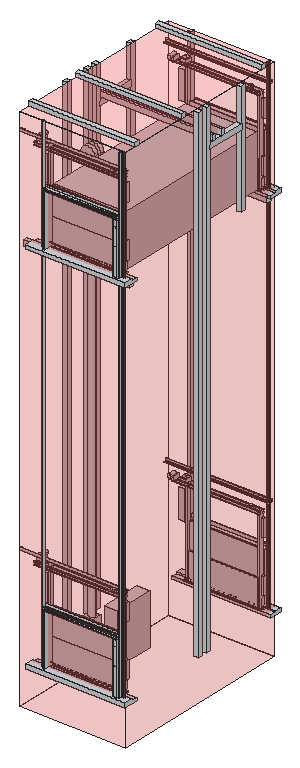
Revit family "SHC2000-2U-2方向", category 一般モデル, Revit 2018
Family settings
  鉄筋をホスト可能 = いいえ
  丸型コネクタ寸法 = 直径を使用
  パーツ タイプ = 標準
  作業面ベース = いいえ
  常に垂直 = はい
  ロード時にボイドで切り取り = いいえ
  共有 = いいえ
  部屋計算ポイント = いいえ
Parameters
  昇降行程 = 13000 mm
Reference planes
  plane 1 "レール芯": y = 0
  plane 2 "最下階FL": z = 0
  plane 3 "かご芯": x = 0
  plane 4: z = 13000
  plane 5 "ピット底面": z = -1550
  plane 6: z = 16900
  plane 7: z = 1800
Forms (mm)
  Extrusion 1, solid
    sketch origin (-115, 140, 0) x (1, 0, 0) y (0, 1, 0)
      loop
        line (-2010, 3075) -> (-2010, -3355) -> (1650, -3355) -> (1650, 3075) -> (-2010, 3075)
    from -1550 to 16900
  Extrusion 2, solid
    sketch origin (-188.849, -187.656, 5000) x (1, 0, 0) y (0, 1, 0)
      loop
        line (-1046.151, 3032.656) -> (-1046.151, -2657.344) -> (1423.849, -2657.344) -> (1423.849, 3032.656) -> (-1046.151, 3032.656)
    from 8000 to 9800
  Extrusion 3, solid
    sketch origin (69.836, -13.256, 0) x (1, 0, 0) y (0, 1, 0)
      loop
        line (1465.164, 263.256) -> (1465.164, 113.256) -> (1615.164, 113.256) -> (1615.164, 263.256) -> (1465.164, 263.256)
    from 0 to 16900
  Extrusion 4, solid
    sketch origin (-180.164, -413.256, 0) x (1, 0, 0) y (0, 1, 0)
      loop
        line (1715.164, 313.256) -> (1715.164, 163.256) -> (1865.164, 163.256) -> (1865.164, 313.256) -> (1715.164, 313.256)
    from 0 to 16900
  Extrusion 5, solid
    sketch origin (758.997, -221.31, 0) x (1, 0, 0) y (0, 1, 0)
      loop
        line (-3033.997, 471.31) -> (-3033.997, 321.31) -> (-2883.997, 321.31) -> (-2883.997, 471.31) -> (-3033.997, 471.31)
    from 0 to 16900
  Extrusion 6, solid
    sketch origin (758.997, -1471.31, 0) x (1, 0, 0) y (0, 1, 0)
      loop
        line (-3033.997, 1371.31) -> (-3033.997, 1221.31) -> (-2883.997, 1221.31) -> (-2883.997, 1371.31) -> (-3033.997, 1371.31)
    from 0 to 16900
  Extrusion 7, solid
    sketch origin (0, -3089.792, -183.066) x (0, 1, 0) y (0, 0, 1)
      loop
        line (279.792, 17233.066) -> (279.792, 17083.066) -> (429.792, 17083.066) -> (429.792, 17233.066) -> (279.792, 17233.066)
    from -2125 to 1535
  Extrusion 8, solid
    sketch origin (0, -1079.792, -183.066) x (0, 1, 0) y (0, 0, 1)
      loop
        line (279.792, 17233.066) -> (279.792, 17083.066) -> (429.792, 17083.066) -> (429.792, 17233.066) -> (279.792, 17233.066)
    from -2125 to 1535
  Extrusion 9, solid
    sketch origin (0, -2227.235, 116.596) x (0, 1, 0) y (0, 0, 1)
      loop
        line (-827.765, 12733.404) -> (-827.765, 12539.404) -> (-677.765, 12539.404) -> (-677.765, 12733.404) -> (-827.765, 12733.404)
    from -2125 to 1535
  Extrusion 10, solid
    sketch origin (322.648, -2408.415, 0) x (-1, 0, 0) y (0, -1, 0)
      loop
        line (-1052.352, 796.585) -> (-1052.352, 896.585) -> (-1055.352, 896.585)
        arc (-1055.352, 896.585) -> (-1060.302, 894.535) -> (-1062.352, 889.585) r 7
        line (-1062.352, 889.585) -> (-1062.352, 816.585)
        arc (-1062.352, 816.585) -> (-1065.281, 809.514) -> (-1072.352, 806.585) r 10
        line (-1072.352, 806.585) -> (-1145.352, 806.585)
        arc (-1145.352, 806.585) -> (-1150.302, 804.535) -> (-1152.352, 799.585) r 7
        line (-1152.352, 799.585) -> (-1152.352, 796.585) -> (-1052.352, 796.585)
    from 0 to 12850
  Extrusion 11, solid
    sketch origin (-22.648, -2408.415, 0) x (1, 0, 0) y (0, 1, 0)
      loop
        line (-1232.352, -796.585) -> (-1332.352, -796.585) -> (-1332.352, -799.585)
        arc (-1332.352, -799.585) -> (-1330.302, -804.535) -> (-1325.352, -806.585) r 7
        line (-1325.352, -806.585) -> (-1252.352, -806.585)
        arc (-1252.352, -806.585) -> (-1245.281, -809.514) -> (-1242.352, -816.585) r 10
        line (-1242.352, -816.585) -> (-1242.352, -889.585)
        arc (-1242.352, -889.585) -> (-1240.302, -894.535) -> (-1235.352, -896.585) r 7
        line (-1235.352, -896.585) -> (-1232.352, -896.585) -> (-1232.352, -796.585)
    from 0 to 12850
  Extrusion 12, solid
    sketch origin (522.648, -2408.415, 5000) x (-1, 0, 0) y (0, -1, 0)
      loop
        line (-852.352, 896.585) -> (-855.352, 896.585)
        arc (-855.352, 896.585) -> (-860.302, 894.535) -> (-862.352, 889.585) r 7
        line (-862.352, 889.585) -> (-862.352, 816.585)
        arc (-862.352, 816.585) -> (-865.281, 809.514) -> (-872.352, 806.585) r 10
        line (-872.352, 806.585) -> (-945.352, 806.585)
        arc (-945.352, 806.585) -> (-950.302, 804.535) -> (-952.352, 799.585) r 7
        line (-952.352, 799.585) -> (-952.352, 796.585) -> (-852.352, 796.585) -> (-852.352, 896.585)
    from 8000 to 11900
  Extrusion 13, solid
    sketch origin (-22.648, -2408.415, 5000) x (1, 0, 0) y (0, 1, 0)
      loop
        arc (-1242.352, -889.585) -> (-1240.302, -894.535) -> (-1235.352, -896.585) r 7
        line (-1235.352, -896.585) -> (-1232.352, -896.585) -> (-1232.352, -796.585) -> (-1332.352, -796.585) -> (-1332.352, -799.585)
        arc (-1332.352, -799.585) -> (-1330.302, -804.535) -> (-1325.352, -806.585) r 7
        line (-1325.352, -806.585) -> (-1252.352, -806.585)
        arc (-1252.352, -806.585) -> (-1245.281, -809.514) -> (-1242.352, -816.585) r 10
        line (-1242.352, -816.585) -> (-1242.352, -889.585)
    from 8000 to 11900
  Extrusion 14, solid
    sketch origin (90, -5742.272, 6235.614) x (0, 0, -1) y (0, 1, 0)
      loop
        line (-8644.386, 2437.272) -> (-8644.386, 2537.272) -> (-8744.386, 2537.272) -> (-8744.386, 2534.272)
        arc (-8744.386, 2534.272) -> (-8742.335, 2529.322) -> (-8737.386, 2527.272) r 7
        line (-8737.386, 2527.272) -> (-8664.386, 2527.272)
        arc (-8664.386, 2527.272) -> (-8657.315, 2524.343) -> (-8654.386, 2517.272) r 10
        line (-8654.386, 2517.272) -> (-8654.386, 2444.272)
        arc (-8654.386, 2444.272) -> (-8652.335, 2439.322) -> (-8647.386, 2437.272) r 7
        line (-8647.386, 2437.272) -> (-8644.386, 2437.272)
    from -1345 to 1285
  Extrusion 15, solid
    sketch origin (0, -1382.728, 6270.614) x (0, 0, -1) y (0, 1, 0)
      loop
        line (-10039.386, -1729.272) -> (-10039.386, -1802.272)
        arc (-10039.386, -1802.272) -> (-10042.315, -1809.343) -> (-10049.386, -1812.272) r 10
        line (-10049.386, -1812.272) -> (-10122.386, -1812.272)
        arc (-10122.386, -1812.272) -> (-10127.335, -1814.322) -> (-10129.386, -1819.272) r 7
        line (-10129.386, -1819.272) -> (-10129.386, -1822.272) -> (-10029.386, -1822.272) -> (-10029.386, -1722.272) -> (-10032.386, -1722.272)
        arc (-10032.386, -1722.272) -> (-10037.335, -1724.322) -> (-10039.386, -1729.272) r 7
    from -2125 to 1535
  Extrusion 16, solid
    sketch origin (454.836, 1486.744, 0) x (1, 0, 0) y (0, 1, 0)
      loop
        line (1080.164, 263.256) -> (1080.164, 113.256) -> (1230.164, 113.256) -> (1230.164, 263.256) -> (1080.164, 263.256)
    from 13000 to 16900
  Extrusion 17, solid
    sketch origin (783.997, -2408.81, 0) x (1, 0, 0) y (0, 1, 0)
      loop
        line (-3058.997, 1408.81) -> (-3058.997, 1258.81) -> (-2908.997, 1258.81) -> (-2908.997, 1408.81) -> (-3058.997, 1408.81)
    from 0 to 16900
  Extrusion 18, solid
    sketch origin (-455, 580, -1350) x (1, 0, 0) y (0, 1, 0)
      loop
        line (-1420, 950) -> (-1420, -420) -> (-970, -420) -> (-970, 950) -> (-1420, 950)
    from -200 to 1550
  Extrusion 19, solid
    sketch origin (-290, -250, 0) x (1, 0, 0) y (0, 1, 0)
      loop
        circle (-1325, -475) r 110
    from 383 to 14716
  Extrusion 20, solid
    sketch origin (-1265, -550, -566) x (1, 0, 0) y (0, 0, 1)
      loop
        circle (-350, 15316) r 240
    from -10 to 110
  Extrusion 21, solid
    sketch origin (-1265, -800, -566) x (1, 0, 0) y (0, 0, 1)
      loop
        circle (-350, 15316) r 240
    from -10 to 110
  Extrusion 22, solid
    sketch origin (295.293, 79.04, 0) x (1, 0, 0) y (0, 1, 0)
      loop
        line (-2085.293, -629.04) -> (-2085.293, -979.04) -> (-1735.293, -979.04) -> (-1735.293, -629.04) -> (-2085.293, -629.04)
    from -1550 to 383
  Extrusion 23, solid
    sketch origin (-3415.164, 1486.744, 0) x (1, 0, 0) y (0, 1, 0)
      loop
        line (1140.164, 263.256) -> (1140.164, 113.256) -> (1290.164, 113.256) -> (1290.164, 263.256) -> (1140.164, 263.256)
    from 13000 to 16900
  Extrusion 24, solid
    sketch origin (1535, 0, -1200) x (0, 1, 0) y (0, 0, 1)
      loop
        line (250, 16950) -> (250, 16750) -> (1600, 16750) -> (1600, 16950) -> (250, 16950)
    from 0 to 150
  Extrusion 25, solid
    sketch origin (-2325, 0, -1200) x (0, 1, 0) y (0, 0, 1)
      loop
        line (250, 16950) -> (250, 16750) -> (1600, 16750) -> (1600, 16950) -> (250, 16950)
    from 50 to 200
  Extrusion 26, solid
    sketch origin (0, 0, -1200) x (0, 1, 0) y (0, 0, 1)
      loop
        line (360, 17150) -> (360, 16950) -> (450, 16950) -> (450, 17150) -> (360, 17150)
      loop
        line (750, 17150) -> (750, 16950) -> (840, 16950) -> (840, 17150) -> (750, 17150)
    from -2275 to 1685
  Extrusion 27, solid
    sketch origin (0, -345, 0) x (0, 1, 0) y (0, 0, 1)
      loop
        line (-2880, 1890) -> (-2953, 1890)
        arc (-2953, 1890) -> (-2957.95, 1887.95) -> (-2960, 1883) r 7
        line (-2960, 1883) -> (-2960, 1880) -> (-2860, 1880) -> (-2860, 1980) -> (-2863, 1980)
        arc (-2863, 1980) -> (-2867.95, 1977.95) -> (-2870, 1973) r 7
        line (-2870, 1973) -> (-2870, 1900)
        arc (-2870, 1900) -> (-2872.929, 1892.929) -> (-2880, 1890) r 10
    from -1255 to 1375
  Extrusion 28, solid
    sketch origin (0, -6065, 1420) x (0, -1, 0) y (0, 0, -1)
      loop
        arc (-2880, -1890) -> (-2872.929, -1892.929) -> (-2870, -1900) r 10
        line (-2870, -1900) -> (-2870, -1973)
        arc (-2870, -1973) -> (-2867.95, -1977.95) -> (-2863, -1980) r 7
        line (-2863, -1980) -> (-2860, -1980) -> (-2860, -1880) -> (-2960, -1880) -> (-2960, -1883)
        arc (-2960, -1883) -> (-2957.95, -1887.95) -> (-2953, -1890) r 7
        line (-2953, -1890) -> (-2880, -1890)
    from -2125 to 1535
  Extrusion 29, solid
    sketch origin (0, 2380.208, -183.066) x (0, 1, 0) y (0, 0, 1)
      loop
        line (279.792, 17233.066) -> (279.792, 17083.066) -> (429.792, 17083.066) -> (429.792, 17233.066) -> (279.792, 17233.066)
    from -2125 to 1535
  Extrusion 30, solid
    sketch origin (322.648, 2308.415, 0) x (-1, 0, 0) y (0, -1, 0)
      loop
        line (-1052.352, -796.585) -> (-1152.352, -796.585) -> (-1152.352, -799.585)
        arc (-1152.352, -799.585) -> (-1150.302, -804.535) -> (-1145.352, -806.585) r 7
        line (-1145.352, -806.585) -> (-1072.352, -806.585)
        arc (-1072.352, -806.585) -> (-1065.281, -809.514) -> (-1062.352, -816.585) r 10
        line (-1062.352, -816.585) -> (-1062.352, -889.585)
        arc (-1062.352, -889.585) -> (-1060.302, -894.535) -> (-1055.352, -896.585) r 7
        line (-1055.352, -896.585) -> (-1052.352, -896.585) -> (-1052.352, -796.585)
    from 0 to 12850
  Extrusion 31, solid
    sketch origin (-22.648, 2308.415, 0) x (1, 0, 0) y (0, 1, 0)
      loop
        line (-1232.352, 796.585) -> (-1232.352, 896.585) -> (-1235.352, 896.585)
        arc (-1235.352, 896.585) -> (-1240.302, 894.535) -> (-1242.352, 889.585) r 7
        line (-1242.352, 889.585) -> (-1242.352, 816.585)
        arc (-1242.352, 816.585) -> (-1245.281, 809.514) -> (-1252.352, 806.585) r 10
        line (-1252.352, 806.585) -> (-1325.352, 806.585)
        arc (-1325.352, 806.585) -> (-1330.302, 804.535) -> (-1332.352, 799.585) r 7
        line (-1332.352, 799.585) -> (-1332.352, 796.585) -> (-1232.352, 796.585)
    from 0 to 12850
  Extrusion 32, solid
    sketch origin (522.648, 2308.415, 5000) x (-1, 0, 0) y (0, -1, 0)
      loop
        line (-852.352, -896.585) -> (-852.352, -796.585) -> (-952.352, -796.585) -> (-952.352, -799.585)
        arc (-952.352, -799.585) -> (-950.302, -804.535) -> (-945.352, -806.585) r 7
        line (-945.352, -806.585) -> (-872.352, -806.585)
        arc (-872.352, -806.585) -> (-865.281, -809.514) -> (-862.352, -816.585) r 10
        line (-862.352, -816.585) -> (-862.352, -889.585)
        arc (-862.352, -889.585) -> (-860.302, -894.535) -> (-855.352, -896.585) r 7
        line (-855.352, -896.585) -> (-852.352, -896.585)
    from 8000 to 11900
  Extrusion 33, solid
    sketch origin (-22.648, 2308.415, 5000) x (1, 0, 0) y (0, 1, 0)
      loop
        line (-1242.352, 889.585) -> (-1242.352, 816.585)
        arc (-1242.352, 816.585) -> (-1245.281, 809.514) -> (-1252.352, 806.585) r 10
        line (-1252.352, 806.585) -> (-1325.352, 806.585)
        arc (-1325.352, 806.585) -> (-1330.302, 804.535) -> (-1332.352, 799.585) r 7
        line (-1332.352, 799.585) -> (-1332.352, 796.585) -> (-1232.352, 796.585) -> (-1232.352, 896.585) -> (-1235.352, 896.585)
        arc (-1235.352, 896.585) -> (-1240.302, 894.535) -> (-1242.352, 889.585) r 7
    from 8000 to 11900
  Extrusion 34, solid
    sketch origin (0, 245, 0) x (0, -1, 0) y (0, 0, -1)
      loop
        arc (-2880, -1890) -> (-2872.929, -1892.929) -> (-2870, -1900) r 10
        line (-2870, -1900) -> (-2870, -1973)
        arc (-2870, -1973) -> (-2867.95, -1977.95) -> (-2863, -1980) r 7
        line (-2863, -1980) -> (-2860, -1980) -> (-2860, -1880) -> (-2960, -1880) -> (-2960, -1883)
        arc (-2960, -1883) -> (-2957.95, -1887.95) -> (-2953, -1890) r 7
        line (-2953, -1890) -> (-2880, -1890)
    from -1255 to 1375
  Extrusion 35, solid
    sketch origin (0, 5965, 1420) x (0, 1, 0) y (0, 0, 1)
      loop
        line (-2880, 1890) -> (-2953, 1890)
        arc (-2953, 1890) -> (-2957.95, 1887.95) -> (-2960, 1883) r 7
        line (-2960, 1883) -> (-2960, 1880) -> (-2860, 1880) -> (-2860, 1980) -> (-2863, 1980)
        arc (-2863, 1980) -> (-2867.95, 1977.95) -> (-2870, 1973) r 7
        line (-2870, 1973) -> (-2870, 1900)
        arc (-2870, 1900) -> (-2872.929, 1892.929) -> (-2880, 1890) r 10
    from -2125 to 1535
  Extrusion 36, solid
    sketch origin (0, 1282.728, 6270.614) x (0, 0, -1) y (0, 1, 0)
      loop
        arc (-10039.386, 1729.272) -> (-10037.335, 1724.322) -> (-10032.386, 1722.272) r 7
        line (-10032.386, 1722.272) -> (-10029.386, 1722.272) -> (-10029.386, 1822.272) -> (-10129.386, 1822.272) -> (-10129.386, 1819.272)
        arc (-10129.386, 1819.272) -> (-10127.335, 1814.322) -> (-10122.386, 1812.272) r 7
        line (-10122.386, 1812.272) -> (-10049.386, 1812.272)
        arc (-10049.386, 1812.272) -> (-10042.315, 1809.343) -> (-10039.386, 1802.272) r 10
        line (-10039.386, 1802.272) -> (-10039.386, 1729.272)
    from -2125 to 1535
  Extrusion 37, solid
    sketch origin (0, 3732.765, 116.596) x (0, 1, 0) y (0, 0, 1)
      loop
        line (-827.765, 12733.404) -> (-827.765, 12539.404) -> (-677.765, 12539.404) -> (-677.765, 12733.404) -> (-827.765, 12733.404)
    from -2125 to 1535
Dimensions and locks
  "昇降行程": plane 4 to plane 2 "最下階FL"
  plane 6 to plane 4 = 3900 mm
  locked: Extrusion 2 to plane 4 at 1800
  locked: plane 4 to Extrusion 10 at 150
  locked: Extrusion 19 to plane 4 at 1716
  locked: plane 4 to Extrusion 30 at 150
  aligned and locked: level to plane 2 "最下階FL"
  aligned and locked: Extrusion 1 to plane 5 "ピット底面"
  aligned and locked: Extrusion 2 to plane 4
  aligned and locked: Extrusion 4 to plane 2 "最下階FL"
  aligned and locked: Extrusion 3 to plane 2 "最下階FL"
  aligned and locked: Extrusion 5 to Extrusion 1
  aligned and locked: Extrusion 6 to Extrusion 1
  aligned and locked: Extrusion 3 to Extrusion 1
  aligned and locked: Extrusion 4 to Extrusion 1
  aligned and locked: Extrusion 5 to plane 2 "最下階FL"
  aligned and locked: Extrusion 6 to plane 2 "最下階FL"
  aligned and locked: Extrusion 1 to Extrusion 8  (x2)
  aligned and locked: Extrusion 8 to Extrusion 1
  aligned and locked: Extrusion 7 to Extrusion 1
  aligned and locked: Extrusion 1 to Extrusion 9  (x2)
  aligned and locked: Extrusion 1 to Extrusion 7  (x2)
  aligned and locked: Extrusion 12 to Extrusion 13
  aligned and locked: Extrusion 13 to plane 4
  aligned and locked: Extrusion 12 to plane 4
  aligned and locked: Extrusion 1 to plane 6
  aligned and locked: plane 6 to Extrusion 12
  aligned and locked: plane 6 to Extrusion 13
  aligned and locked: Extrusion 11 to Extrusion 10
  aligned and locked: plane 6 to Extrusion 5
  aligned and locked: plane 6 to Extrusion 3
  aligned and locked: plane 6 to Extrusion 4
  aligned and locked: plane 6 to Extrusion 6
  aligned and locked: Extrusion 1 to Extrusion 17
  aligned and locked: Extrusion 1 to Extrusion 16
  aligned and locked: Extrusion 16 to plane 4
  aligned and locked: Extrusion 1 to Extrusion 23
  aligned and locked: Extrusion 23 to plane 4
  aligned and locked: plane 4 to nested 2
  aligned and locked: plane 4 to nested 4
  aligned and locked: Extrusion 32 to Extrusion 33
  aligned and locked: Extrusion 31 to Extrusion 30
  aligned and locked: plane 6 to Extrusion 32
  aligned and locked: Extrusion 32 to plane 4
  aligned and locked: Extrusion 33 to plane 4
Automatic sketch dimensions
  Extrusion 1 sketch curve to plane 3 "かご芯" = 2125 mm
  plane 3 "かご芯" to Extrusion 1 sketch curve = 1535 mm
  plane 1 "レール芯" to Extrusion 1 sketch curve = 3215 mm
  Extrusion 1 sketch curve to plane 1 "レール芯" = 3215 mm
  Extrusion 2 sketch curve to plane 3 "かご芯" = 1235 mm
  plane 3 "かご芯" to Extrusion 2 sketch curve = 1235 mm
  plane 1 "レール芯" to Extrusion 2 sketch curve = 2845 mm
  Extrusion 2 sketch curve to plane 1 "レール芯" = 2845 mm
  Extrusion 3 sketch curve to plane 1 "レール芯" = 100 mm
  plane 3 "かご芯" to Extrusion 3 sketch curve = 1535 mm
  Extrusion 3 sketch curve to Extrusion 3 sketch curve = 150 mm  (x2)
  plane 1 "レール芯" to Extrusion 4 sketch curve = 250 mm
  plane 3 "かご芯" to Extrusion 4 sketch curve = 1535 mm
  Extrusion 4 sketch curve to Extrusion 4 sketch curve = 150 mm
  plane 1 "レール芯" to Extrusion 4 sketch curve = 100 mm
  Extrusion 5 sketch curve to plane 1 "レール芯" = 100 mm
  Extrusion 5 sketch curve to plane 3 "かご芯" = 2275 mm
  Extrusion 5 sketch curve to Extrusion 5 sketch curve = 150 mm  (x2)
  plane 1 "レール芯" to Extrusion 6 sketch curve = 250 mm
  Extrusion 6 sketch curve to plane 3 "かご芯" = 2275 mm
  Extrusion 6 sketch curve to Extrusion 6 sketch curve = 150 mm
  plane 1 "レール芯" to Extrusion 6 sketch curve = 100 mm
  Extrusion 7 sketch curve to plane 6 = 0 mm
  plane 1 "レール芯" to Extrusion 7 sketch curve = 2810 mm
  Extrusion 7 sketch curve to Extrusion 7 sketch curve = 150 mm
  plane 6 to Extrusion 7 sketch curve = 150 mm
  Extrusion 8 sketch curve to plane 6 = 0 mm
  plane 1 "レール芯" to Extrusion 8 sketch curve = 800 mm
  Extrusion 8 sketch curve to Extrusion 8 sketch curve = 150 mm
  plane 6 to Extrusion 8 sketch curve = 150 mm
  Extrusion 9 sketch curve to plane 4 = 344 mm
  plane 1 "レール芯" to Extrusion 9 sketch curve = 3055 mm
  Extrusion 9 sketch curve to Extrusion 9 sketch curve = 150 mm
  Extrusion 9 sketch curve to plane 4 = 150 mm
  Extrusion 10 sketch curve to plane 3 "かご芯" = 1475 mm
  Extrusion 10 sketch curve to Extrusion 10 sketch curve = 7 mm  (x2)
  Extrusion 10 sketch curve to Extrusion 10 sketch curve = 73 mm  (x2)
  Extrusion 10 sketch curve to Extrusion 10 sketch curve = 10 mm  (x2)
  Extrusion 10 sketch curve to plane 1 "レール芯" = 3305 mm
  Extrusion 10 sketch curve to Extrusion 10 sketch curve = 3 mm
  Extrusion 11 sketch curve to plane 3 "かご芯" = 1355 mm
  Extrusion 11 sketch curve to Extrusion 11 sketch curve = 7 mm  (x2)
  Extrusion 11 sketch curve to Extrusion 11 sketch curve = 73 mm  (x2)
  Extrusion 11 sketch curve to Extrusion 11 sketch curve = 10 mm  (x2)
  plane 1 "レール芯" to Extrusion 11 sketch curve = 3305 mm
  Extrusion 11 sketch curve to Extrusion 11 sketch curve = 3 mm
  Extrusion 12 sketch curve to plane 3 "かご芯" = 1475 mm
  Extrusion 12 sketch curve to Extrusion 12 sketch curve = 7 mm  (x2)
  Extrusion 12 sketch curve to Extrusion 12 sketch curve = 73 mm  (x2)
  Extrusion 12 sketch curve to Extrusion 12 sketch curve = 10 mm  (x2)
  Extrusion 12 sketch curve to plane 1 "レール芯" = 3305 mm
  Extrusion 12 sketch curve to Extrusion 12 sketch curve = 20 mm
  Extrusion 13 sketch curve to plane 3 "かご芯" = 1355 mm
  Extrusion 13 sketch curve to Extrusion 13 sketch curve = 7 mm  (x2)
  Extrusion 13 sketch curve to Extrusion 13 sketch curve = 73 mm  (x2)
  Extrusion 13 sketch curve to Extrusion 13 sketch curve = 10 mm
  Extrusion 13 sketch curve to Extrusion 13 sketch curve = 3 mm  (x2)
  plane 1 "レール芯" to Extrusion 13 sketch curve = 3305 mm
  Extrusion 14 sketch curve to plane 6 = 1920 mm
  Extrusion 14 sketch curve to Extrusion 14 sketch curve = 7 mm  (x2)
  Extrusion 14 sketch curve to Extrusion 14 sketch curve = 73 mm  (x2)
  Extrusion 14 sketch curve to Extrusion 14 sketch curve = 10 mm  (x2)
  Extrusion 14 sketch curve to Extrusion 14 sketch curve = 20 mm
  plane 1 "レール芯" to Extrusion 14 sketch curve = 3305 mm
  plane 6 to Extrusion 15 sketch curve = 500 mm
  Extrusion 15 sketch curve to Extrusion 15 sketch curve = 7 mm  (x2)
  Extrusion 15 sketch curve to Extrusion 15 sketch curve = 73 mm  (x2)
  Extrusion 15 sketch curve to Extrusion 15 sketch curve = 10 mm
  Extrusion 15 sketch curve to Extrusion 15 sketch curve = 3 mm  (x2)
  Extrusion 15 sketch curve to plane 1 "レール芯" = 3105 mm
  plane 3 "かご芯" to Extrusion 16 sketch curve = 1535 mm
  Extrusion 16 sketch curve to Extrusion 16 sketch curve = 150 mm  (x2)
  Extrusion 16 sketch curve to plane 1 "レール芯" = 1600 mm
  Extrusion 17 sketch curve to plane 3 "かご芯" = 2275 mm
  Extrusion 17 sketch curve to Extrusion 17 sketch curve = 150 mm  (x2)
  plane 1 "レール芯" to Extrusion 17 sketch curve = 1150 mm
  Extrusion 18 sketch curve to plane 1 "レール芯" = 160 mm
  Extrusion 18 sketch curve to plane 3 "かご芯" = 1875 mm
  Extrusion 18 sketch curve to Extrusion 18 sketch curve = 450 mm
  Extrusion 18 sketch curve to Extrusion 18 sketch curve = 1370 mm
  Extrusion 20 sketch curve to plane 3 "かご芯" = 1615 mm
  plane 4 to Extrusion 20 sketch curve = 1750 mm
  Extrusion 21 sketch curve to plane 3 "かご芯" = 1615 mm
  plane 4 to Extrusion 21 sketch curve = 1750 mm
  Extrusion 22 sketch curve to plane 3 "かご芯" = 1790 mm
  Extrusion 22 sketch curve to Extrusion 22 sketch curve = 350 mm  (x2)
  plane 1 "レール芯" to Extrusion 22 sketch curve = 900 mm
  Extrusion 23 sketch curve to plane 3 "かご芯" = 2275 mm
  Extrusion 23 sketch curve to Extrusion 23 sketch curve = 150 mm  (x2)
  Extrusion 23 sketch curve to plane 1 "レール芯" = 1600 mm
  Extrusion 24 sketch curve to plane 1 "レール芯" = 250 mm
  Extrusion 24 sketch curve to Extrusion 24 sketch curve = 1350 mm
  Extrusion 24 sketch curve to plane 6 = 1350 mm
  Extrusion 24 sketch curve to Extrusion 24 sketch curve = 200 mm
  Extrusion 25 sketch curve to plane 1 "レール芯" = 250 mm
  Extrusion 25 sketch curve to Extrusion 25 sketch curve = 1350 mm
  Extrusion 25 sketch curve to plane 6 = 1350 mm
  Extrusion 25 sketch curve to Extrusion 25 sketch curve = 200 mm
  Extrusion 26 sketch curve to plane 1 "レール芯" = 360 mm
  Extrusion 26 sketch curve to Extrusion 26 sketch curve = 90 mm  (x2)
  Extrusion 26 sketch curve to Extrusion 26 sketch curve = 300 mm
  Extrusion 26 sketch curve to plane 6 = 1150 mm
  Extrusion 26 sketch curve to Extrusion 26 sketch curve = 0 mm
  Extrusion 26 sketch curve to Extrusion 26 sketch curve = 200 mm  (x2)
  Extrusion 27 sketch curve to plane 7 = 80 mm
  plane 1 "レール芯" to Extrusion 27 sketch curve = 3305 mm
  Extrusion 27 sketch curve to Extrusion 27 sketch curve = 7 mm  (x2)
  Extrusion 27 sketch curve to Extrusion 27 sketch curve = 73 mm  (x2)
  Extrusion 27 sketch curve to Extrusion 27 sketch curve = 10 mm  (x2)
  Extrusion 27 sketch curve to Extrusion 27 sketch curve = 3 mm
  plane 7 to Extrusion 28 sketch curve = 1500 mm
  Extrusion 28 sketch curve to plane 1 "レール芯" = 3105 mm
  Extrusion 28 sketch curve to Extrusion 28 sketch curve = 7 mm  (x2)
  Extrusion 28 sketch curve to Extrusion 28 sketch curve = 73 mm  (x2)
  Extrusion 28 sketch curve to Extrusion 28 sketch curve = 10 mm  (x2)
  Extrusion 28 sketch curve to Extrusion 28 sketch curve = 3 mm
  plane 6 to Extrusion 29 sketch curve = 0 mm
  Extrusion 29 sketch curve to plane 1 "レール芯" = 2660 mm
  Extrusion 29 sketch curve to Extrusion 29 sketch curve = 150 mm
  plane 6 to Extrusion 29 sketch curve = 150 mm
  plane 3 "かご芯" to Extrusion 30 sketch curve = 1475 mm
  Extrusion 30 sketch curve to Extrusion 30 sketch curve = 7 mm  (x2)
  Extrusion 30 sketch curve to Extrusion 30 sketch curve = 73 mm  (x2)
  Extrusion 30 sketch curve to Extrusion 30 sketch curve = 10 mm  (x2)
  Extrusion 30 sketch curve to plane 1 "レール芯" = 3205 mm
  Extrusion 30 sketch curve to Extrusion 30 sketch curve = 3 mm
  Extrusion 31 sketch curve to plane 3 "かご芯" = 1355 mm
  Extrusion 31 sketch curve to Extrusion 31 sketch curve = 7 mm  (x2)
  Extrusion 31 sketch curve to Extrusion 31 sketch curve = 73 mm  (x2)
  Extrusion 31 sketch curve to Extrusion 31 sketch curve = 10 mm
  Extrusion 31 sketch curve to Extrusion 31 sketch curve = 20 mm
  Extrusion 31 sketch curve to plane 1 "レール芯" = 3105 mm
  Extrusion 31 sketch curve to Extrusion 31 sketch curve = 3 mm
  plane 3 "かご芯" to Extrusion 32 sketch curve = 1475 mm
  Extrusion 32 sketch curve to Extrusion 32 sketch curve = 7 mm  (x2)
  Extrusion 32 sketch curve to Extrusion 32 sketch curve = 73 mm  (x2)
  Extrusion 32 sketch curve to Extrusion 32 sketch curve = 10 mm  (x2)
  Extrusion 32 sketch curve to plane 1 "レール芯" = 3205 mm
  Extrusion 32 sketch curve to Extrusion 32 sketch curve = 20 mm
  Extrusion 33 sketch curve to plane 3 "かご芯" = 1355 mm
  Extrusion 33 sketch curve to Extrusion 33 sketch curve = 7 mm  (x2)
  Extrusion 33 sketch curve to Extrusion 33 sketch curve = 73 mm  (x2)
  Extrusion 33 sketch curve to Extrusion 33 sketch curve = 10 mm
  Extrusion 33 sketch curve to Extrusion 33 sketch curve = 3 mm  (x2)
  Extrusion 33 sketch curve to plane 1 "レール芯" = 3105 mm
  plane 7 to Extrusion 34 sketch curve = 80 mm
  plane 1 "レール芯" to Extrusion 34 sketch curve = 3205 mm
  Extrusion 34 sketch curve to Extrusion 34 sketch curve = 7 mm  (x2)
  Extrusion 34 sketch curve to Extrusion 34 sketch curve = 73 mm  (x2)
  Extrusion 34 sketch curve to Extrusion 34 sketch curve = 10 mm  (x2)
  Extrusion 34 sketch curve to Extrusion 34 sketch curve = 3 mm
  Extrusion 35 sketch curve to plane 7 = 1500 mm
  Extrusion 35 sketch curve to plane 1 "レール芯" = 3005 mm
  Extrusion 35 sketch curve to Extrusion 35 sketch curve = 7 mm  (x2)
  Extrusion 35 sketch curve to Extrusion 35 sketch curve = 73 mm  (x2)
  Extrusion 35 sketch curve to Extrusion 35 sketch curve = 10 mm
  Extrusion 35 sketch curve to Extrusion 35 sketch curve = 20 mm
  Extrusion 35 sketch curve to Extrusion 35 sketch curve = 3 mm
  Extrusion 36 sketch curve to plane 6 = 500 mm
  Extrusion 36 sketch curve to Extrusion 36 sketch curve = 7 mm  (x2)
  Extrusion 36 sketch curve to Extrusion 36 sketch curve = 73 mm  (x2)
  Extrusion 36 sketch curve to Extrusion 36 sketch curve = 10 mm
  Extrusion 36 sketch curve to Extrusion 36 sketch curve = 3 mm  (x2)
  Extrusion 36 sketch curve to plane 1 "レール芯" = 3005 mm
  Extrusion 37 sketch curve to plane 4 = 344 mm
  Extrusion 37 sketch curve to plane 1 "レール芯" = 2905 mm
  Extrusion 37 sketch curve to Extrusion 37 sketch curve = 150 mm
  Extrusion 37 sketch curve to plane 4 = 150 mm
  radius of Extrusion 20 sketch curve = 240 mm
  radius of Extrusion 21 sketch curve = 240 mm
Nested families
  nested 1: "2U" at (0, -2875, 0), type "2U"
    with 戸袋 1220 mm, 壁外～敷居先端 440 mm, 出入口高さ 1800 mm, 出入口幅 2350 mm
  nested 2: "2U" at (0, -2875, 13000), type "2U"
    with 戸袋 1220 mm, 壁外～敷居先端 440 mm, 出入口高さ 1800 mm, 出入口幅 2350 mm
  nested 3: "2U" at (0, 2875, 0), type "2U 背面"
    with 戸袋 1220 mm, 壁外～敷居先端 340 mm, 出入口高さ 1800 mm, 出入口幅 2350 mm
  nested 4: "2U" at (0, 2875, 13000), type "2U 背面"
    with 戸袋 1220 mm, 壁外～敷居先端 340 mm, 出入口高さ 1800 mm, 出入口幅 2350 mm
Definition of nested family "2U"
  Parameters (values of type "2U")
    戸袋 = 1570 mm
    壁外～敷居先端 = 470 mm
    出入口高さ = 2500 mm
    出入口幅 = 2500 mm
  Reference planes
    plane 1 "敷居先端": y = 0
    plane 2: z = 0
    plane 3 "中心(左/右)": x = 0
    plane 4: x = 1250
    plane 5: x = -1250
    plane 6: z = 2500
    plane 7: z = 1250
    plane 8 "出入口高さ": z = 4070
    plane 9: z = 4050
    plane 10: x = 989
    plane 11: z = 4080
    plane 12: x = -1406
    plane 13: z = 4172.5
    plane 14: x = -1830
    plane 15: x = -1735
    plane 16: z = 4230
    plane 17: z = 2570
    plane 18: y = -470
    plane 19: x = -1330
    plane 20: x = 1450
    plane 21: z = 2580
  Forms (mm)
    Extrusion 1, solid
      sketch origin (0, 0, 0) x (1, 0, 0) y (0, 1, 0)
        loop
          line (-1270, -45) -> (-1270, -87) -> (1270, -87) -> (1270, -45) -> (-1270, -45)
      from 0 to 1280
    Extrusion 2, solid
      sketch origin (0, 0, 0) x (1, 0, 0) y (0, 1, 0)
        loop
          line (-1270, -95) -> (-1270, -137) -> (1270, -137) -> (1270, -95) -> (-1270, -95)
      from 1250 to 2530
    Extrusion 3, solid
      sketch origin (0, 0, 0) x (1, 0, 0) y (0, 1, 0)
        loop
          line (-1300, -145) -> (-1300, -146.6) -> (-1251.6, -146.6) -> (-1251.6, -478.4) -> (-1278.4, -478.4) -> (-1278.4, -450) -> (-1280, -450) -> (-1280, -480) -> (-1250, -480) -> (-1250, -145) -> (-1300, -145)
      from 0 to 2500
    Extrusion 4, solid
      sketch origin (0, 0, 0) x (1, 0, 0) y (0, 1, 0)
        loop
          line (1300, -145) -> (1250, -145) -> (1250, -480) -> (1400, -480) -> (1400, -450) -> (1398.4, -450) -> (1398.4, -478.4) -> (1251.6, -478.4) -> (1251.6, -146.6) -> (1300, -146.6) -> (1300, -145)
      from 0 to 2500
    Extrusion 5, solid
      sketch origin (0, 0, -10) x (0, 1, 0) y (0, 0, 1)
        loop
          line (-30, 10) -> (-570, 10) -> (-570, -140) -> (-30, -140) -> (-30, 10)
      from -1750 to 1750
    Extrusion 6, void
      sketch origin (0, 0, 0) x (0, 1, 0) y (0, 0, 1)
        loop
          line (-230, 0) -> (-230, -60) -> (-30, -60) -> (-30, 0) -> (-230, 0)
      from -1750 to 1750
    Extrusion 7, solid
      sketch origin (0, 0, 0) x (0, 1, 0) y (0, 0, 1)
        loop
          line (-155, 0) -> (-155, -4.5) -> (0, -4.5) -> (0, 0) -> (-155, 0)
      from -1412 to 1412
    Extrusion 8, solid
      sketch origin (0, 0, 0) x (0, 1, 0) y (0, 0, 1)
        loop
          arc (-150, -14) -> (-148.682, -10.818) -> (-145.5, -9.5) r 4.5
          line (-145.5, -9.5) -> (-118, -9.5)
          arc (-118, -9.5) -> (-115.879, -8.621) -> (-115, -6.5) r 3
          line (-115, -6.5) -> (-115, -4.5) -> (-155, -4.5) -> (-155, -44.5) -> (-153, -44.5)
          arc (-153, -44.5) -> (-150.879, -43.621) -> (-150, -41.5) r 3
          line (-150, -41.5) -> (-150, -14)
      from -1412 to 1412
    Extrusion 9, solid
      sketch origin (0, 0, 0) x (0, 1, 0) y (0, 0, 1)
        loop
          line (-10, -14) -> (-10, -41.5)
          arc (-10, -41.5) -> (-9.121, -43.621) -> (-7, -44.5) r 3
          line (-7, -44.5) -> (-5, -44.5) -> (-5, -4.5) -> (-45, -4.5) -> (-45, -6.5)
          arc (-45, -6.5) -> (-44.121, -8.621) -> (-42, -9.5) r 3
          line (-42, -9.5) -> (-14.5, -9.5)
          arc (-14.5, -9.5) -> (-11.318, -10.818) -> (-10, -14) r 4.5
      from -1412 to 1412
    Extrusion 10, solid
      sketch origin (0, 0, 0) x (0, 1, 0) y (0, 0, 1)
        loop
          line (-40.028, 3970) -> (0, 3970) -> (0, 3974.5) -> (-35.5, 3974.5) -> (-35.5, 4065.5) -> (0, 4065.5) -> (0, 4070) -> (-40.028, 4070) -> (-40.028, 3970)
      from -1830 to 1362
    Extrusion 11, solid
      sketch origin (0, 0, 0) x (0, 1, 0) y (0, 0, 1)
        loop
          line (-175, 4076) -> (-175, 4070) -> (125, 4070) -> (125, 4076) -> (-175, 4076)
      from -1830 to -1640
    Extrusion 12, solid
      sketch origin (0, 0, 0) x (0, 1, 0) y (0, 0, 1)
        loop
          line (-450, 2530) -> (-480, 2530) -> (-480, 2500) -> (-145, 2500) -> (-145, 2501.6) -> (-478.4, 2501.6) -> (-478.4, 2528.4) -> (-450, 2528.4) -> (-450, 2530)
      from -1280 to 1400
    Extrusion 13, solid
      sketch origin (-22.601, -148.434, 0) x (1, 0, 0) y (0, 1, 0)
        loop
          line (1312.601, 108.406) -> (1312.601, 8.406) -> (1384.601, 8.406) -> (1384.601, 108.406) -> (1312.601, 108.406)
      from 0 to 4070
    Extrusion 14, solid
      sketch origin (-3174.601, -148.434, 0) x (1, 0, 0) y (0, 1, 0)
        loop
          line (1812.601, 108.406) -> (1812.601, 8.406) -> (1884.601, 8.406) -> (1884.601, 108.406) -> (1812.601, 108.406)
      from 0 to 4070
    Extrusion 15, solid
      sketch origin (0, 0, 0) x (-1, 0, 0) y (0, 0, -1)
        loop
          circle (-989, -4080) r 61
      from 65 to 115
    Extrusion 16, solid
      sketch origin (0, 0, 0) x (1, 0, 0) y (0, 0, 1)
        loop
          circle (-1406, 4172.5) r 81
      from 65 to 135
    Extrusion 17, solid
      sketch origin (0, 0, 0) x (1, 0, 0) y (0, 0, 1)
        loop
          circle (-1735, 4230) r 60
      from -205.9 to 20.6
    Extrusion 18, solid
      sketch origin (0, 0, 3250) x (1, 0, 0) y (0, 1, 0)
        loop
          line (-1587, -12) -> (-1587, -168) -> (-1387, -168) -> (-1387, -12) -> (-1587, -12)
      from -750 to 250
    Extrusion 19, solid
      sketch origin (229.034, -29.566, 4076) x (1, 0, 0) y (0, 1, 0)
        loop
          line (-2054.034, 154.566) -> (-2054.034, -45.434) -> (-1874.034, -45.434) -> (-1874.034, 154.566) -> (-2054.034, 154.566)
      from 0 to 154
    Extrusion 20, solid
      sketch origin (2782.417, -417.994, 75) x (1, 0, 0) y (0, 1, 0)
        loop
          line (-1420.417, 373.067) -> (-1420.417, 283.067) -> (-1382.217, 283.067) -> (-1382.217, 373.067) -> (-1420.417, 373.067)
      from 0 to 255
    Extrusion 21, solid
      sketch origin (-286.199, -145.163, 430) x (1, 0, 0) y (0, 1, 0)
        loop
          line (1648.199, 95.235) -> (1648.199, 15.235) -> (1778.199, 15.235) -> (1778.199, 95.235) -> (1648.199, 95.235)
      from 0 to 600
    Extrusion 22, solid
      sketch origin (-286.199, -145.163, 2930) x (1, 0, 0) y (0, 1, 0)
        loop
          line (1648.199, 95.235) -> (1648.199, 15.235) -> (1778.199, 15.235) -> (1778.199, 95.235) -> (1648.199, 95.235)
      from 0 to 600
    Extrusion 23, solid
      sketch origin (142.65, 0, -207.206) x (1, 0, 0) y (0, 0, 1)
        loop
          line (-1638.65, 4379.706) -> (-1638.65, 4277.206) -> (-1458.65, 4277.206) -> (-1458.65, 4379.706) -> (-1638.65, 4379.706)
      from 0 to 180.055
    Extrusion 24, solid
      sketch origin (520, -163, 962.5) x (1, 0, 0) y (0, 1, 0)
        loop
          line (740, -317) -> (740, -320) -> (870, -320) -> (870, -317) -> (740, -317)
      from 0 to 590
    Extrusion 25, solid
      sketch origin (0, -180.055, 0) x (0, -1, 0) y (0, 0, -1)
        loop
          line (-40.028, -3970) -> (-40.028, -4070) -> (0, -4070) -> (0, -4065.5) -> (-35.5, -4065.5) -> (-35.5, -3974.5) -> (0, -3974.5) -> (0, -3970) -> (-40.028, -3970)
      from -1830 to 1362
  Cuts and joins
    Extrusion 6 cuts Extrusion 1
    Extrusion 6 cuts Extrusion 5
  Lines and regions (mm)
    reference lines
      curve 1: line (1250, -10, 0) -> (1362, -10, 0)
    symbolic lines
      curve 2: line (0, -480, 0) -> (0, -145, 0)
  Dimensions and locks
    "出入口幅": plane 5 to plane 4
    equal spacing: plane 5, plane 3 "中心(左/右)", plane 4
    "出入口高さ": plane 6 to level
    equal spacing: plane 6, plane 7, level
    locked: Extrusion 2 to plane 6 at 30
    locked: Extrusion 1 to plane 7 at 30
    locked: plane 4 to Extrusion 1 at 20
    locked: Extrusion 2 to plane 5 at 20
    locked: plane 4 to Extrusion 7 at 162
    locked: Extrusion 7 to plane 5 at 162
    "戸袋": plane 8 "出入口高さ" to plane 6
    locked: plane 4 to Extrusion 10 at 112
    locked: plane 9 to plane 8 "出入口高さ" at 20
    locked: Extrusion 12 to plane 5 at 30
    locked: plane 4 to Extrusion 12 at 150
    locked: plane 11 to plane 8 "出入口高さ" at 10
    locked: plane 4 to plane 10 at 261
    locked: plane 13 to plane 8 "出入口高さ" at 102.5
    locked: plane 14 to Extrusion 11 at 190
    locked: plane 14 to plane 5 at 580
    locked: plane 14 to plane 12 at 424
    locked: plane 16 to plane 8 "出入口高さ" at 160
    locked: plane 14 to plane 15 at 95
    locked: plane 4 to cut or joined group of Extrusion 5, Extrusion 6 at 500
    cut or joined group of Extrusion 5, Extrusion 6 to plane 5 = 500 mm
    locked: plane 6 to plane 17 at 70
    locked: plane 18 to Extrusion 3 at 10
    locked: plane 18 to Extrusion 4 at 10
    locked: plane 18 to cut or joined group of Extrusion 5, Extrusion 6 at 100
    locked: Extrusion 12 to plane 18 at 10
    locked: Extrusion 18 to plane 6 at 1000
    locked: Extrusion 22 to Extrusion 22 at 600
    locked: plane 6 to Extrusion 22 at 430
    locked: Extrusion 11 to plane 8 "出入口高さ" at 6
    locked: plane 16 to Extrusion 11 at 154
    locked: cut or joined group of Extrusion 5, Extrusion 6 to cut or joined group of Extrusion 5, Extrusion 6 at 200
    locked: plane 19 to plane 5 at 80
    locked: plane 4 to plane 20 at 200
    locked: plane 21 to plane 6 at 80
    "壁外～敷居先端": plane 18 to plane 1 "敷居先端"
    aligned and locked: level to plane 2
    aligned and locked: Extrusion 2 to plane 7
    aligned and locked: plane 5 to Extrusion 3
    aligned and locked: plane 4 to Extrusion 4
    aligned and locked: plane 6 to Extrusion 4
    aligned and locked: Extrusion 4 to plane 6
    aligned and locked: plane 6 to Extrusion 3
    aligned and locked: Extrusion 7 to plane 1 "敷居先端"
    aligned and locked: Extrusion 7 to Extrusion 8  (x2)
    aligned and locked: Extrusion 7 to Extrusion 9  (x2)
    aligned and locked: Extrusion 8 to Extrusion 7
    aligned and locked: plane 8 "出入口高さ" to Extrusion 10
    aligned and locked: Extrusion 11 to Extrusion 10
    aligned and locked: Extrusion 12 to plane 6
    aligned and locked: Extrusion 12 to Extrusion 3
    aligned and locked: Extrusion 12 to Extrusion 4
    aligned and locked: Extrusion 13 to level
    aligned and locked: Extrusion 14 to level
    aligned and locked: plane 11 to Extrusion 15
    aligned and locked: Extrusion 16 to plane 13
    aligned and locked: plane 14 to Extrusion 11
    aligned and locked: plane 14 to Extrusion 10
    aligned and locked: Extrusion 17 to plane 16
    aligned and locked: cut or joined group of Extrusion 5, Extrusion 6 to cut or joined group of Extrusion 5, Extrusion 6  (x4)
    aligned and locked: cut or joined group of Extrusion 5, Extrusion 6 to Extrusion 6
    aligned and locked: Extrusion 6 to cut or joined group of Extrusion 5, Extrusion 6
    aligned and locked: Extrusion 18 to plane 6
    aligned and locked: Extrusion 19 to plane 16
    aligned and locked: Extrusion 19 to Extrusion 11
    aligned and locked: Extrusion 20 to Extrusion 13
    aligned and locked: Extrusion 21 to Extrusion 13
    aligned and locked: Extrusion 23 to plane 13
    aligned and locked: Extrusion 11 to plane 8 "出入口高さ"
    aligned and locked: plane 8 "出入口高さ" to Extrusion 13
    aligned and locked: plane 8 "出入口高さ" to Extrusion 14
    aligned and locked: Extrusion 25 to Extrusion 10  (x2)
  Automatic sketch dimensions
    plane 1 "敷居先端" to curve 2 = 145 mm
    Extrusion 1 sketch curve to plane 5 = 20 mm
    Extrusion 1 sketch curve to plane 4 = 20 mm
    plane 1 "敷居先端" to Extrusion 1 sketch curve = 87 mm
    Extrusion 1 sketch curve to Extrusion 1 sketch curve = 42 mm
    Extrusion 2 sketch curve to plane 5 = 20 mm
    Extrusion 2 sketch curve to plane 4 = 20 mm
    plane 1 "敷居先端" to Extrusion 2 sketch curve = 137 mm
    Extrusion 2 sketch curve to Extrusion 2 sketch curve = 42 mm
    Extrusion 3 sketch curve to plane 5 = 0 mm
    Extrusion 3 sketch curve to plane 5 = 1.6 mm
    Extrusion 3 sketch curve to plane 18 = 8.4 mm
    Extrusion 3 sketch curve to Extrusion 3 sketch curve = 26.8 mm
    Extrusion 3 sketch curve to Extrusion 3 sketch curve = 1.6 mm  (x3)
    Extrusion 3 sketch curve to plane 19 = 30 mm
    plane 18 to Extrusion 3 sketch curve = 20 mm
    plane 1 "敷居先端" to Extrusion 3 sketch curve = 146.6 mm
    Extrusion 4 sketch curve to plane 4 = 0 mm
    Extrusion 4 sketch curve to plane 4 = 1.6 mm
    Extrusion 4 sketch curve to Extrusion 4 sketch curve = 48.4 mm
    Extrusion 4 sketch curve to plane 18 = 8.4 mm
    plane 20 to Extrusion 4 sketch curve = 51.6 mm
    Extrusion 4 sketch curve to Extrusion 4 sketch curve = 1.6 mm  (x3)
    plane 18 to Extrusion 4 sketch curve = 20 mm
    plane 1 "敷居先端" to Extrusion 4 sketch curve = 146.6 mm
    Extrusion 5 sketch curve to level = 0 mm
    Extrusion 5 sketch curve to plane 18 = 100 mm
    plane 1 "敷居先端" to Extrusion 5 sketch curve = 30 mm
    Extrusion 5 sketch curve to level = 150 mm
    Extrusion 6 sketch curve to level = 0 mm
    Extrusion 6 sketch curve to level = 60 mm
    plane 1 "敷居先端" to Extrusion 6 sketch curve = 30 mm
    Extrusion 7 sketch curve to level = 0 mm
    Extrusion 7 sketch curve to plane 1 "敷居先端" = 0 mm
    plane 1 "敷居先端" to Extrusion 7 sketch curve = 155 mm
    Extrusion 7 sketch curve to level = 4.5 mm
    Extrusion 8 sketch curve to level = 4.5 mm
    plane 1 "敷居先端" to Extrusion 8 sketch curve = 155 mm
    Extrusion 8 sketch curve to Extrusion 8 sketch curve = 2 mm
    Extrusion 8 sketch curve to Extrusion 8 sketch curve = 3 mm  (x2)
    Extrusion 8 sketch curve to Extrusion 8 sketch curve = 4.5 mm
    Extrusion 8 sketch curve to level = 6.5 mm
    Extrusion 8 sketch curve to Extrusion 8 sketch curve = 27.5 mm  (x2)
    Extrusion 9 sketch curve to level = 4.5 mm
    plane 1 "敷居先端" to Extrusion 9 sketch curve = 45 mm
    Extrusion 9 sketch curve to Extrusion 9 sketch curve = 3 mm  (x2)
    Extrusion 9 sketch curve to level = 9.5 mm
    plane 1 "敷居先端" to Extrusion 9 sketch curve = 14.5 mm
    plane 1 "敷居先端" to Extrusion 9 sketch curve = 10 mm
    Extrusion 9 sketch curve to Extrusion 9 sketch curve = 2 mm
    Extrusion 9 sketch curve to Extrusion 9 sketch curve = 27.5 mm
    Extrusion 10 sketch curve to plane 8 "出入口高さ" = 0 mm
    Extrusion 10 sketch curve to plane 1 "敷居先端" = 0 mm  (x2)
    Extrusion 10 sketch curve to plane 8 "出入口高さ" = 4.5 mm
    plane 1 "敷居先端" to Extrusion 10 sketch curve = 35.5 mm
    Extrusion 10 sketch curve to Extrusion 10 sketch curve = 4.528 mm
    plane 9 to Extrusion 10 sketch curve = 75.5 mm
    Extrusion 10 sketch curve to Extrusion 10 sketch curve = 4.5 mm
    curve 1 to plane 4 = 0 mm
    plane 1 "敷居先端" to curve 1 = 10 mm
    plane 20 to curve 1 = 88 mm
    Extrusion 11 sketch curve to plane 8 "出入口高さ" = 0 mm
    plane 1 "敷居先端" to Extrusion 11 sketch curve = 175 mm
    Extrusion 11 sketch curve to plane 1 "敷居先端" = 125 mm
    Extrusion 11 sketch curve to plane 11 = 4 mm
    Extrusion 12 sketch curve to plane 6 = 0 mm
    Extrusion 12 sketch curve to plane 18 = 10 mm
    Extrusion 12 sketch curve to Extrusion 12 sketch curve = 1.6 mm  (x2)
    plane 18 to Extrusion 12 sketch curve = 20 mm
    plane 1 "敷居先端" to Extrusion 12 sketch curve = 145 mm
    plane 6 to Extrusion 12 sketch curve = 1.6 mm
    Extrusion 12 sketch curve to Extrusion 12 sketch curve = 26.8 mm
    Extrusion 13 sketch curve to plane 4 = 40 mm
    Extrusion 13 sketch curve to Extrusion 13 sketch curve = 72 mm
    plane 1 "敷居先端" to Extrusion 13 sketch curve = 140.028 mm
    plane 1 "敷居先端" to Extrusion 13 sketch curve = 40.028 mm
    plane 19 to Extrusion 14 sketch curve = 32 mm
    Extrusion 14 sketch curve to plane 5 = 40 mm
    plane 1 "敷居先端" to Extrusion 14 sketch curve = 140.028 mm
    plane 1 "敷居先端" to Extrusion 14 sketch curve = 40.028 mm
    Extrusion 15 sketch curve to plane 10 = 0 mm
    Extrusion 15 sketch curve to plane 11 = 0 mm
    plane 12 to Extrusion 16 sketch curve = 0 mm
    Extrusion 16 sketch curve to plane 13 = 0 mm
    Extrusion 17 sketch curve to plane 15 = 0 mm
    Extrusion 17 sketch curve to plane 16 = 0 mm
    plane 15 to Extrusion 18 sketch curve = 148 mm
    Extrusion 18 sketch curve to plane 12 = 19 mm
    plane 1 "敷居先端" to Extrusion 18 sketch curve = 168 mm
    plane 1 "敷居先端" to Extrusion 18 sketch curve = 12 mm
    Extrusion 19 sketch curve to plane 14 = 5 mm
    plane 15 to Extrusion 19 sketch curve = 90 mm
    plane 1 "敷居先端" to Extrusion 19 sketch curve = 75 mm
    Extrusion 19 sketch curve to plane 1 "敷居先端" = 125 mm
    plane 20 to Extrusion 20 sketch curve = 88 mm
    Extrusion 20 sketch curve to Extrusion 20 sketch curve = 38.2 mm
    plane 1 "敷居先端" to Extrusion 20 sketch curve = 134.928 mm
    plane 1 "敷居先端" to Extrusion 20 sketch curve = 44.928 mm
    plane 20 to Extrusion 21 sketch curve = 88 mm
    Extrusion 21 sketch curve to plane 20 = 42 mm
    plane 1 "敷居先端" to Extrusion 21 sketch curve = 129.928 mm
    plane 1 "敷居先端" to Extrusion 21 sketch curve = 49.928 mm
    plane 20 to Extrusion 22 sketch curve = 88 mm
    Extrusion 22 sketch curve to plane 20 = 42 mm
    plane 1 "敷居先端" to Extrusion 22 sketch curve = 129.928 mm
    plane 1 "敷居先端" to Extrusion 22 sketch curve = 49.928 mm
    Extrusion 23 sketch curve to plane 8 "出入口高さ" = 0 mm
    Extrusion 23 sketch curve to plane 13 = 0 mm
    plane 12 to Extrusion 23 sketch curve = 90 mm
    Extrusion 23 sketch curve to plane 19 = 14 mm
    Extrusion 24 sketch curve to plane 4 = 10 mm
    Extrusion 24 sketch curve to plane 18 = 13 mm
    plane 20 to Extrusion 24 sketch curve = 60 mm
    Extrusion 24 sketch curve to Extrusion 24 sketch curve = 3 mm
    Extrusion 25 sketch curve to plane 8 "出入口高さ" = 0 mm
    Extrusion 25 sketch curve to plane 1 "敷居先端" = 140.028 mm
    Extrusion 25 sketch curve to Extrusion 25 sketch curve = 4.528 mm
    plane 8 "出入口高さ" to Extrusion 25 sketch curve = 4.5 mm
    Extrusion 25 sketch curve to Extrusion 25 sketch curve = 35.5 mm  (x2)
    Extrusion 25 sketch curve to plane 9 = 75.5 mm
    Extrusion 25 sketch curve to Extrusion 25 sketch curve = 4.5 mm
    Extrusion 6 sketch curve to Extrusion 6 sketch curve = 200 mm
    curve 2 to level = 0 mm
    curve 2 to plane 18 = 10 mm
    radius of Extrusion 15 sketch curve = 61 mm
    radius of Extrusion 16 sketch curve = 81 mm
    radius of Extrusion 17 sketch curve = 60 mm
